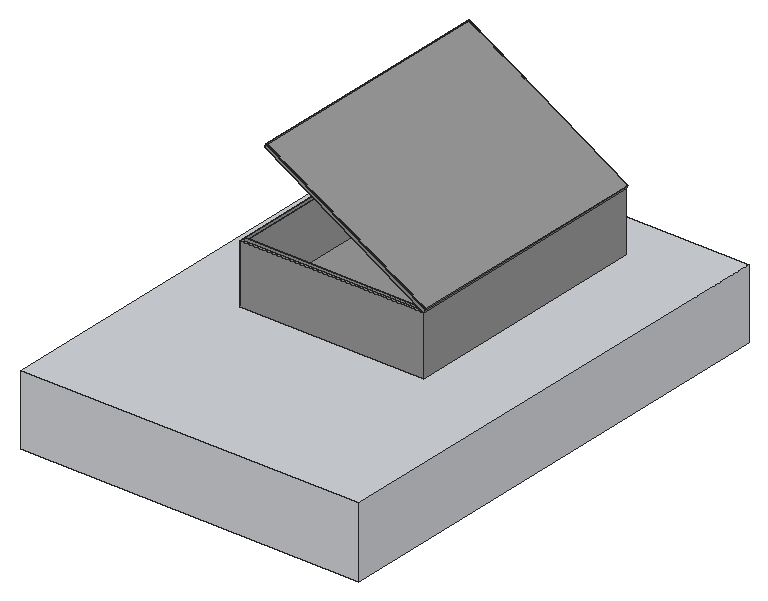
Revit family "Hager-Univers-IP55-D275-H1100-Cl.II-Steel_encl-BE-en", category Equipement électrique, Revit 2020
Family settings
  Hôte = Face
  Configuration du panneau = Deux colonnes, circuits au sein
  Cote de connecteur circulaire = Utiliser le diamètre
  Type d'élément = Tableau de raccordement
  Couper avec des vides une fois chargée = Non
  Partagée = Non
  Point de calcul de pièce = Non
Parameters (values of type "Surface mounted (plaster) IP55 W800 H1100 D275  - FR73S")
  Width Control [instance] = if([EF000008 - Width] > Min Width, [EF000008 - Width], Min Width)  # 800 mm
  Commentaires du type = [HG000003 - Range]  # "Univers"
  Thickness Door [instance] = if([EF009171 - Material plate thickness door/cover] > 3 mm, 3 mm, [EF009171 - Material plate thickness door/cover])  # 1.5 mm
  Seal Frame Offset [instance] = 17 mm  # constant formula
  Plinth Visibility [instance] = [HG000027 - Plinth height] > 0 mm  # no
  Model = ""
  Min Width [instance] = 100 mm  # constant formula
  Min Height [instance] = 100 mm  # constant formula
  Min Depth [instance] = (2 * [EF009170 - Material plate thickness cabinet]) + 1 mm  # 4 mm
  Internal Frame Depth [instance] = (Door System Depth * 0.5)  # 9 mm
  Height Control [instance] = if([EF000040 - Height] > Min Height, [EF000040 - Height], Min Height)  # 1100 mm
  HG000027 - Plinth height = 0 mm
  HG000026 - Floor standing = no
  HG000024 - Bottom section height = 800 mm
  HG000023 - Double section enclosure = no
  HG000016 - Door 3d visibility [instance] = yes
  HG000015 - Clearance visibility [instance] = no
  HG000014 - Door on the right [instance] = yes
  HG000013 - Door on the left [instance] = not([HG000014 - Door on the right])  # no
  HG000012 - Door swing angle [instance] = 30.00°
  HG000010 - Asymmetric doors = no
  HG000009 - Double swing door = no
  HG000006 - Flush mounted = no
  HG000004 - Manufacturer reference = "FR73S"
  HG000003 - Range = "Univers"
  HG000002 - With door or cover = yes
  Frame Offset Bottom [instance] = 10 mm  # constant formula
  Frame Offset [instance] = 15 mm  # constant formula
  EF015940 - Cover with overpressure release = no
  EF011959 - Degree of protection (NEMA) = ""
  EF009554 - Number of openings for flange plates = 6
  EF009212 - Cover model = "EV000116 - Closed"
  EF009171 - Material plate thickness door/cover = 1.5 mm
  EF009170 - Material plate thickness cabinet = 1.5 mm
  Fabricant = "Hager"  # constant formula
  EF008873 - Nominal current (In) = 800 A
  EF007800 - Suitable for lightning protection = no
  EF006306 - With lock = no
  EF006244 - Transparent cover/door = no
  EF005474 - Degree of protection (IP) = "EV006420 - IP55"
  EF004464 - Type of door = "EV002646 - Single"
  EF004427 - Number of modules = 252
  EF004293 - Impact strength = "EV008784 - IK10"
  EF003532 - Suitable for outdoor use = no
  EF002950 - Width in number of modular spacings = 24
  EF001613 - Circuit integrity = "EV000494 - None"
  EF001596 - Material housing = "EV000179 - Steel"
  EF001131 - Internal depth = 275 mm
  EF001088 - Extension possible = yes
  EF000437 - Number of conduit inlets = 6
  EF000339 - Type of cover = "EV004216 - Door"
  EF000266 - Number of rows = 7
  EF000218 - Built-in depth = 0 mm
  EF000118 - With mounting plate = no
  EF000116 - RAL-number = "7035"
  EF000049 - Depth = 275 mm
  EF000040 - Height = 1100 mm
  EF000008 - Width = 800 mm
  EF000007 - Colour = "EV000270 - Grey"
  EF000003 - Mounting method = "EV000384 - Surface mounted (plaster)"
  Door System Leaf Tolerance [instance] = 1.5 mm  # constant formula
  Door System Depth [instance] = 18 mm  # constant formula
  Door Height [instance] = Height Control - [HG000027 - Plinth height]  # 1100 mm
  Depth Control [instance] = if([EF000049 - Depth] > Min Depth, [EF000049 - Depth], Min Depth)  # 275 mm
  Default Elevation = 0 mm
  Connector Offset [instance] = Height Control / 2  # 550 mm
  Bottom Top Plate Trim [instance] = 1.5 mm  # constant formula
  Plinth height Ctrl [instance] = if([HG000027 - Plinth height] > 0 mm, [HG000027 - Plinth height], 12 mm)  # 12 mm
Types (5, lengths in mm): name | Width Control | HG000010 - Asymmetric doors | HG000009 - Double swing door | HG000004 - Manufacturer reference | EF009554 - Number of openings for flange plates | EF004464 - Type of door | EF004427 - Number of modules | EF000437 - Number of conduit inlets | EF000008 - Width
  Surface mounted (plaster) IP55 W1050 H1100 D275  - FR74S | 1050 | no | yes | "FR74S" | 8 | "EV003602 - Double" | 336 | 8 | 1050
  Surface mounted (plaster) IP55 W1300 H1100 D275  - FR75S | 1300 | yes | yes | "FR75S" | 10 | "EV003602 - Double" | 420 | 10 | 1300
  Surface mounted (plaster) IP55 W300 H1100 D275  - FR71S | 300 | no | no | "FR71S" | 2 | "EV002646 - Single" | 84 | 2 | 300
  Surface mounted (plaster) IP55 W550 H1100 D275  - FR72S | 550 | no | no | "FR72S" | 4 | "EV002646 - Single" | 168 | 4 | 550
  Surface mounted (plaster) IP55 W800 H1100 D275  - FR73S | 800 | no | no | "FR73S" | 6 | "EV002646 - Single" | 252 | 6 | 800
Reference planes
  plane 1 "Center (Front/Back)": y = 0
  plane 2: z = 0
  plane 3 "Center (Left/Right)": x = 0
  plane 4: z = 275
  plane 5: y = 1.5
  plane 6: y = 550
  plane 7: y = 0
  plane 8: y = 1100
  plane 9: z = 0
  plane 10: x = -385
  plane 11: x = 385
  plane 12: x = 383.5
  plane 13: x = -383.5
  plane 14: y = 1098.5
  plane 15: x = -383
  plane 16: x = -400
  plane 17: x = 383
  plane 18: x = 400
  plane 19: x = 398.5
  plane 20: x = -398.5
  plane 21: y = 11.5
  plane 22: y = 1100
  plane 23: y = 1083.5
  plane 24: z = 257
  plane 25: z = 1.5
  plane 26: z = 255.5
  plane 27: z = 273.5
Forms (mm)
  Extrusion 1, solid
    sketch origin (0, 0, 0) x (1, 0, 0) y (0, 1, 0)
      loop
        line (-702.964, 1305) -> (-702.964, -811.445) -> (766.763, -811.445) -> (766.763, 1305) -> (-702.964, 1305)
    from 0 to -304.8
  Extrusion 2, solid, material "Hager_Steel_RAL7035_Light_Grey", visible <- "Plinth Visibility", detail levels medium+fine
    sketch origin (0, 0, 0) x (1, 0, 0) y (0, 1, 0)
      loop
        line (-400, 0) -> (400, 0) -> (400, 12) -> (-400, 12) -> (-400, 0)
    from 0 to 257
  Extrusion 3, solid, material "Hager_Steel_RAL7035_Light_Grey", detail levels medium+fine
    sketch origin (0, 0, 0) x (1, 0, 0) y (0, 1, 0)
      loop
        line (-400, 0) -> (400, 0) -> (400, 1100) -> (-400, 1100) -> (-400, 0)
    from 0 to 257
  Extrusion 4, void
    sketch origin (0, 0, 0) x (1, 0, 0) y (0, 1, 0)
      loop
        line (-398.5, 1.5) -> (398.5, 1.5) -> (398.5, 1098.5) -> (-398.5, 1098.5) -> (-398.5, 1.5)
    from 1.5 to 255.5
  Extrusion 5, void
    sketch origin (-381.607, -4572, 257) x (0, -1, 0) y (-1, 0, 0)
      loop
        line (-4583.5, 1.893) -> (-5655.5, 1.893) -> (-5655.5, -765.107) -> (-4583.5, -765.107) -> (-4583.5, 1.893)
    from 0 to 1.5 <- "EF009170 - Material plate thickness cabinet"
  Extrusion 6, solid, material "Hager_Steel_RAL7035_Light_Grey", detail levels fine
    sketch origin (0, 0, 257) x (1, 0, 0) y (0, 1, 0)
      loop
        line (-383.5, 1083.5) -> (-383.5, 11.5) -> (383.5, 11.5) -> (383.5, 1083.5) -> (-383.5, 1083.5)
      loop
        line (-385, 10) -> (385, 10) -> (385, 1085) -> (-385, 1085) -> (-385, 10)
    from 0 to 9 <- "Internal Frame Depth"
  Extrusion 7, solid, material "Hager_Steel_RAL7035_Light_Grey", detail levels coarse
    sketch origin (0, 0, 0) x (1, 0, 0) y (0, 1, 0)
      loop
        line (-400, 0) -> (400, 0) -> (400, 1100) -> (-400, 1100) -> (-400, 0)
    from 0 to 275
  Sweep 8, void
    path in 3D
      loop
        line (-400, 12, 0) -> (400, 12, 0) -> (400, 12, 257) -> (-400, 12, 257) -> (-400, 12, 0)
    profile origin (-400, 12, 128.5) x (-1, 0, 0) y (0, -1, 0)
      loop
        line (0, 0) -> (0, 1.5) -> (-1.5, 1.5)
        arc (-1.5, 1.5) -> (-1.061, 0.439) -> (0, 0) r 1.5
Cuts and joins
  Extrusion 4, Extrusion 5 cuts Extrusion 3
  Sweep 8 cuts Extrusion 2
Lines and regions (mm)
  Masking region 1
    outline origin (0, 0, 0) x (1, 0, 0) y (0, 0, 1)
      loop
        line (-400, 275) -> (-400, 0) -> (400, 0) -> (400, 275) -> (-400, 275)
  Masking region 2, detail levels medium+fine
    outline origin (0, 140, 0) x (0, 1, 0) y (0, 0, 1)
      loop
        line (-140, 0) -> (960, 0) -> (960, 257) -> (-140, 257) -> (-140, 0)
  Masking region 3, not visible, detail levels medium+fine
    outline origin (0, 297.922, 0) x (0, 1, 0) y (0, 0, 1)
      loop
        line (263.578, 0) -> (303.578, 0) -> (303.578, 263.5)
        arc (303.578, 263.5) -> (300.649, 270.571) -> (293.578, 273.5) r 10
        line (293.578, 273.5) -> (263.578, 273.5) -> (263.578, 0)
  Masking region 4, detail levels coarse
    outline origin (0, 0, 180) x (0, 1, 0) y (0, 0, 1)
      loop
        line (0, -180) -> (1100, -180) -> (1100, 95) -> (0, 95) -> (0, -180)
  Masking region 5, visible <- "Plinth Visibility", detail levels medium+fine
    outline origin (0, 52.24, 12.345) x (0, 0, -1) y (0, 1, 0)
      loop
        line (10.845, -40.24) -> (-243.155, -40.24)
        arc (-243.155, -40.24) -> (-243.594, -41.301) -> (-244.655, -41.74) r 1.5
        line (-244.655, -41.74) -> (-244.655, -52.24) -> (12.345, -52.24) -> (12.345, -41.74)
        arc (12.345, -41.74) -> (11.285, -41.301) -> (10.845, -40.24) r 1.5
  Masking region 6, detail levels medium+fine
    outline origin (-381.607, -4572, 257) x (-1, 0, 0) y (0, -1, 0)
      loop
        line (18.393, -5672) -> (18.393, -4572) -> (-781.607, -4572) -> (-781.607, -5672) -> (18.393, -5672)
  Masking region 7, visible <- "Plinth Visibility", detail levels medium+fine
    outline origin (-381.607, -4727, 257) x (-1, 0, 0) y (0, -1, 0)
      loop
        arc (16.893, -4739) -> (17.332, -4737.939) -> (18.393, -4737.5) r 1.5
        line (18.393, -4737.5) -> (18.393, -4727) -> (-781.607, -4727) -> (-781.607, -4737.5)
        arc (-781.607, -4737.5) -> (-780.546, -4737.939) -> (-780.107, -4739) r 1.5
        line (-780.107, -4739) -> (16.893, -4739)
  Masking region 8, detail levels coarse
    outline origin (-442.548, -4669.526, 257) x (-1, 0, 0) y (0, -1, 0)
      loop
        line (-42.548, -5769.526) -> (-42.548, -4669.526) -> (-842.548, -4669.526) -> (-842.548, -5769.526) -> (-42.548, -5769.526)
  sketch lines
    curve 1: line (-400, 12, 257) -> (-400, 12, 0)
    curve 2: line (400, 12, 257) -> (-400, 12, 257)
    curve 3: line (400, 12, 257) -> (400, 12, 0)
    curve 4: line (-400, 12, 0) -> (400, 12, 0)
Dimensions and locks
  "Depth Control": plane 4 to Extrusion 1
  "HG000027 - Plinth height": plane 1 "Center (Front/Back)" to plane 7
  "EF009170 - Material plate thickness cabinet": plane 5 to plane 7
  locked: connector elem to plane 3 "Center (Left/Right)"
  equal spacing: plane 8, plane 6, plane 7
  locked: connector elem to plane 6
  "EF009170 - Material plate thickness cabinet": plane 8 to plane 14
  "EF009170 - Material plate thickness cabinet": plane 10 to plane 13
  "EF009170 - Material plate thickness cabinet": plane 12 to plane 11
  "Frame Offset": plane 20 to plane 13
  "Frame Offset": plane 12 to plane 19
  "EF009170 - Material plate thickness cabinet": plane 16 to plane 20
  "EF009170 - Material plate thickness cabinet": plane 19 to plane 18
  "Seal Frame Offset": plane 16 to plane 15
  "Seal Frame Offset": plane 17 to plane 18
  "Frame Offset Bottom": plane 21 to plane 5
  "Frame Offset": plane 14 to plane 23
  equal spacing: plane 16, plane 3 "Center (Left/Right)", plane 18
  "Width Control": plane 16 to plane 18
  "EF009170 - Material plate thickness cabinet": plane 4 to plane 27
  "EF009170 - Material plate thickness cabinet": plane 24 to plane 26
  "EF009170 - Material plate thickness cabinet": plane 25 to level
  "Door System Depth": plane 4 to plane 24
  "Height Control": plane 1 "Center (Front/Back)" to Extrusion 7 sketch curve
  "Height Control": Masking region 4 sketch curve to plane 1 "Center (Front/Back)"
  "Height Control": plane 1 "Center (Front/Back)" to plane 22
  "Bottom Top Plate Trim": profile plane to Sweep 8 sketch curve
  "Bottom Top Plate Trim": Sweep 8 sketch curve to profile plane
  "Plinth height Ctrl": plane 1 "Center (Front/Back)" to Extrusion 2 sketch curve
  "Plinth height Ctrl": Masking region 5 sketch curve to plane 1 "Center (Front/Back)"
  "Plinth height Ctrl": plane 1 "Center (Front/Back)" to Masking region 7 sketch curve
  "Thickness Door": Extrusion 6 sketch curve to Extrusion 6 sketch curve  (x3)
  "Thickness Door": cut or joined group of Extrusion 3, Extrusion 4, Extrusion 5 to Extrusion 6 sketch curve
  radius of Masking region 3 sketch curve = 10 mm
  "Bottom Top Plate Trim": radius of Masking region 5 sketch curve  (x2)
  "Bottom Top Plate Trim": radius of Sweep 8 sketch curve
  "Bottom Top Plate Trim": radius of Masking region 7 sketch curve  (x2)
  aligned and locked: plane 2 to Extrusion 1
  aligned and locked: level to Extrusion 1
  aligned and locked: level to Masking region 1 sketch curve
  aligned and locked: Masking region 1 sketch curve to plane 18
  aligned and locked: Masking region 1 sketch curve to plane 16
  aligned and locked: plane 7 to Masking region 2 sketch curve
  aligned and locked: level to Masking region 3 sketch curve
  aligned and locked: Masking region 3 sketch curve to plane 27
  aligned and locked: level to Masking region 2 sketch curve
  aligned and locked: plane 1 "Center (Front/Back)" to Extrusion 2 sketch curve
  aligned and locked: Extrusion 3 sketch curve to plane 7
  aligned and locked: plane 16 to Extrusion 3 sketch curve
  aligned and locked: plane 18 to Extrusion 3 sketch curve
  aligned and locked: plane 20 to Extrusion 4 sketch curve
  aligned and locked: plane 19 to Extrusion 4 sketch curve
  aligned and locked: Extrusion 4 sketch curve to plane 5
  aligned and locked: Extrusion 4 to plane 25
  aligned and locked: plane 26 to Extrusion 4
  aligned and locked: plane 24 to Extrusion 3
  aligned and locked: Extrusion 5 sketch curve to plane 21
  aligned and locked: Extrusion 5 sketch curve to plane 13
  aligned and locked: Extrusion 5 sketch curve to plane 12
  aligned and locked: plane 18 to Extrusion 7 sketch curve
  aligned and locked: plane 1 "Center (Front/Back)" to Extrusion 7 sketch curve
  aligned and locked: plane 16 to Extrusion 7 sketch curve
  aligned and locked: plane 4 to Extrusion 7
  aligned and locked: Extrusion 7 to level
  aligned and locked: level to Masking region 4 sketch curve
  aligned and locked: Masking region 4 sketch curve to plane 1 "Center (Front/Back)"
  aligned and locked: Masking region 4 sketch curve to plane 4
  aligned and locked: nested 1 to level
  aligned and locked: nested 1 to plane 16
  aligned and locked: plane 8 to Extrusion 3 sketch curve
  aligned and locked: plane 23 to Extrusion 5 sketch curve
  aligned and locked: plane 14 to Extrusion 4 sketch curve
  aligned and locked: Masking region 2 sketch curve to plane 8
  aligned and locked: level to Masking region 5 sketch curve
  aligned and locked: plane 16 to Extrusion 2 sketch curve
  aligned and locked: plane 18 to Extrusion 2 sketch curve
  aligned and locked: Masking region 5 sketch curve to plane 24
  aligned and locked: Masking region 2 sketch curve to plane 24
  aligned and locked: plane 24 to Extrusion 2
  aligned and locked: profile plane to Sweep 8 sketch curve  (x2)
  aligned and locked: Masking region 6 sketch curve to plane 18
  aligned and locked: Masking region 6 sketch curve to plane 22
  aligned and locked: Masking region 6 sketch curve to plane 16
  aligned and locked: plane 8 to plane 22
  aligned and locked: Masking region 6 sketch curve to plane 7
  aligned and locked: Masking region 7 sketch curve to plane 16
  aligned and locked: Masking region 7 sketch curve to plane 1 "Center (Front/Back)"
  aligned and locked: Masking region 7 sketch curve to plane 18
  aligned and locked: Masking region 8 sketch curve to plane 1 "Center (Front/Back)"
  aligned and locked: Masking region 8 sketch curve to plane 18
  aligned and locked: Masking region 8 sketch curve to plane 22
  aligned and locked: Masking region 8 sketch curve to plane 16
  aligned and locked: nested 2 to plane 7
  aligned and locked: plane 3 "Center (Left/Right)" to nested 2
  aligned and locked: nested 2 to plane 24
  aligned and locked: Extrusion 6 sketch curve to cut or joined group of Extrusion 3, Extrusion 4, Extrusion 5  (x4)
Automatic sketch dimensions
  Extrusion 1 sketch curve to Extrusion 1 sketch curve = 1469.727 mm
  Extrusion 1 sketch curve to Extrusion 1 sketch curve = 2116.445 mm
  Masking region 1 sketch curve to plane 4 = 0 mm
  plane 6 to Masking region 3 sketch curve = 11.5 mm
  Masking region 3 sketch curve to Masking region 3 sketch curve = 30 mm
  Masking region 5 sketch curve to plane 1 "Center (Front/Back)" = 0 mm
Nested families
  nested 1: "Hager_Enclosure_Symbol" at (-400, 0, 0) x (1, 0, 0) z (0, -1, 0), Height <- "Depth Control", Width <- "Width Control", type "Hager_Enclosure_Symbol"
    with Width_Ctrl 800 mm, Width 800 mm, Height_Ctrl 275 mm, Height 275 mm, A_Width_Int 18.047 mm, A_Width 216.562 mm, A_Height_Ctrl 240.625 mm, A_Height 240.625 mm
  nested 2: "EC000058_Univers_Door" at (0, 0, 257) x (1, 0, 0) z (0, 1, 0), Leaf_Tolerance <- "Door System Leaf Tolerance", Angle <- "HG000012 - Door swing angle", Door_Depth <- "Door System Depth", Door_Left <- "HG000013 - Door on the left", Transparent <- "EF006244 - Transparent cover/door", Assymetrical <- "HG000010 - Asymmetric doors", Width <- "Width Control", Clearance <- "HG000015 - Clearance visibility", Double <- "HG000009 - Double swing door", 3d_Door <- "HG000016 - Door 3d visibility", Lock_Visibility <- "EF006306 - With lock", Width_Ctrl <- "Width Control", Door_Right <- "HG000014 - Door on the right", Door <- "HG000002 - With door or cover", Height <- "Door Height", Thickness <- "Thickness Door", type "EC000058_Univers_Door", detail levels medium+fine
    with min_wh 4 mm, Width_Ctrl 800 mm, Width 800 mm, Transparent no, Thickness 1.5 mm, Seal_Material Hager_Rubber, Lock_Visibility no, Lock_Material Hager_Plastic_RAL9005_Jet_Black, Leaf_Width 800 mm, Leaf_Tolerance_External_Sides 0 mm, Leaf_Tolerance 1.5 mm, Leaf_Offset 0 mm, Leaf_Height 1097 mm, Leaf_2_Width 800 mm, Leaf_2_Offset 400 mm, Leaf_1_Width 800 mm, Leaf_1_Offset 400 mm, Height_Ctrl 1100 mm, Height 1100 mm, Glass_Material Hager_Glass, Double_Clearance_Ctrl no, Double no, Door_Right_Ctrl yes, Door_Right yes, Door_Material Hager_Steel_RAL7035_Light_Grey, Door_Left_Ctrl no, Door_Left no, Door_Depth 18 mm, Door yes, Clearance_Material Hager_Clearance, Clearance_Depth 800 mm, Clearance_Ctrl no, Clearance no, Assymetrical no, Angle 30.00°, 3d_Door yes
Connectors
  electrical at (0, 550, 0)
    settings: on plane 9, index 1, voltage 0 V, apparent load 0 VA, apparent load phase1 0 VA, apparent load phase2 0 VA, apparent load phase3 0 VA, power factor 1, load classification "Other", number of poles 1, system type 30, power factor state 1, is connector primary yes, connector utility no, sub classification motor no, connector description ""
Definition of nested family "EC000058_Univers_Door"
  Parameters (values of type "EC000058_Univers_Door")
    min_wh [instance] = (2 * Thickness) + 1 mm  # 11 mm
    Width_Ctrl [instance] = 400 mm
    Width [instance] = 500 mm
    Transparent [instance] = yes
    Thickness [instance] = 5 mm
    Seal_Material [instance] = none
    Lock_Visibility [instance] = yes
    Lock_Material [instance] = none
    Leaf_Width [instance] = if((Width_Ctrl - 2 * Leaf_Tolerance_External_Sides) > 0 mm, (Width_Ctrl - 2 * Leaf_Tolerance_External_Sides), min_wh)  # 400 mm
    Leaf_Tolerance_External_Sides [instance] = 0 mm  # constant formula
    Leaf_Tolerance [instance] = 1.5 mm
    Leaf_Offset [instance] = 0 mm  # constant formula
    Leaf_Height [instance] = if((Height_Ctrl - 2 * Leaf_Tolerance) > 0 mm, (Height_Ctrl - 2 * Leaf_Tolerance), min_wh)  # 497 mm
    Leaf_2_Width [instance] = if(and(and(Double, Assymetrical), Door_Left), (Leaf_Width / 3) - (Leaf_Tolerance / 2), if(and(and(Double, Assymetrical), Door_Right), (Leaf_Width / 3) * 2 - (Leaf_Tolerance / 2), if(and(Double, not(Assymetrical)), (Leaf_Width / 2) - Leaf_Tolerance, Leaf_Width)))  # 400 mm
    Leaf_2_Offset [instance] = if(and(Double, Assymetrical), Leaf_2_Width / 2, if(and(Double, not(Assymetrical)), Leaf_Width / 4, Leaf_Width / 2))  # 200 mm
    Leaf_1_Width [instance] = if(and(and(Double, Assymetrical), Door_Right), (Leaf_Width / 3) - (Leaf_Tolerance / 2), if(and(and(Double, Assymetrical), Door_Left), (Width / 3) * 2 - (Leaf_Tolerance / 2), if(and(Double, not(Assymetrical)), (Leaf_Width / 2) - Leaf_Tolerance, Leaf_Width)))  # 400 mm
    Leaf_1_Offset [instance] = if(and(Double, Assymetrical), Leaf_1_Width / 2, if(and(Double, not(Assymetrical)), Leaf_Width / 4, Leaf_Width / 2))  # 200 mm
    Height_Ctrl [instance] = if(Height > min_wh, Height, min_wh)  # 500 mm
    Height [instance] = 500 mm
    Glass_Material [instance] = none
    Double_Clearance_Ctrl [instance] = and(Double, Clearance)  # no
    Double [instance] = no
    Door_Right_Ctrl [instance] = and(or(Door_Right, Double), Door)  # yes
    Door_Right [instance] = yes
    Door_Material [instance] = none
    Door_Left_Ctrl [instance] = and(or(Door_Left, Double), Door)  # no
    Door_Left [instance] = no
    Door_Depth [instance] = 30 mm
    Door [instance] = yes
    Default Elevation = 1219.2 mm
    Clearance_Material [instance] = none
    Clearance_Depth [instance] = if(Leaf_1_Width > Leaf_2_Width, Leaf_1_Width, Leaf_2_Width)  # 400 mm
    Clearance_Ctrl [instance] = and(not(Double), Clearance)  # yes
    Clearance [instance] = yes
    Assymetrical [instance] = yes
    Angle [instance] = 30.00°
    3d_Door [instance] = yes
  Reference planes
    plane 1 "Center (Front/Back)": y = 0
    plane 2 "Bottom": z = 0
    plane 3 "Center (Left/Right)": x = 0
    plane 4: z = 500
    plane 5: x = -200
    plane 6: x = 200
    plane 7: z = 500
    plane 8: x = -200
    plane 9: z = 0
    plane 10: x = 200
    plane 11: y = 0
    plane 12: z = 1.5
    plane 13: x = -600
    plane 14: y = -400
    plane 15: x = 600
    plane 16: x = 0
    plane 17: x = 0
    plane 18: x = -200
    plane 19: x = 200
    plane 20: z = 498.5
  Forms (mm)
    Extrusion 1, solid, material <- "Clearance_Material", visible <- "Double_Clearance_Ctrl"
      sketch origin (1200, 0, 0) x (1, 0, 0) y (0, 0, -1)
        loop
          line (-1800, -498.5) -> (-600, -498.5) -> (-600, 0) -> (-1800, 0) -> (-1800, -498.5)
      from 0 to -400
  Dimensions and locks
    equal spacing: plane 5, plane 3 "Center (Left/Right)", plane 6
    "Width_Ctrl": plane 5 to plane 6
    "Leaf_Offset": plane 5 to plane 8
    "Leaf_Offset": plane 6 to plane 10
    "Leaf_Offset": plane 9 to level
    "Leaf_Offset": plane 4 to plane 7
    "Height_Ctrl": plane 4 to level
    "Leaf_Tolerance": plane 12 to plane 9
    locked: plane 11 to plane 1 "Center (Front/Back)"
    "Leaf_1_Offset": plane 18 to plane 16
    "Leaf_2_Offset": plane 17 to plane 19
    "Leaf_1_Width": plane 13 to plane 8
    "Leaf_2_Width": plane 10 to plane 15
    "Clearance_Depth": plane 14 to plane 1 "Center (Front/Back)"
    "Leaf_Tolerance_External_Sides": plane 8 to plane 18
    "Leaf_Tolerance_External_Sides": plane 19 to plane 10
    "Leaf_Tolerance": plane 7 to plane 20
    aligned and locked: level to plane 2 "Bottom"
    aligned and locked: nested 1 to plane 16
    aligned and locked: nested 2 to plane 17
    aligned and locked: Extrusion 1 to plane 13
    aligned and locked: plane 15 to Extrusion 1
    aligned and locked: Extrusion 1 to plane 14
    aligned and locked: plane 12 to nested 1
    aligned and locked: nested 2 to plane 12
    aligned and locked: Extrusion 1 to plane 11
    aligned and locked: plane 20 to Extrusion 1
    aligned and locked: nested 2 to plane 11
    aligned and locked: nested 1 to plane 11
  Automatic sketch dimensions
    Extrusion 1 sketch curve to level = 0 mm
    plane 5 to Extrusion 1 sketch curve = 400 mm
    plane 6 to Extrusion 1 sketch curve = 400 mm
    Extrusion 1 sketch curve to plane 4 = 1.5 mm
  Nested families
    nested 1: "EC000058_Univers_Door_Leaf" at (0, 0, 1.5), Width <- "Leaf_1_Width", visible <- "Door_Left_Ctrl", Leaf_Height <- "Leaf_Height", Angle <- "Angle", 3d_Door <- "3d_Door", Transparent <- "Transparent", Clearance Material <- "Clearance_Material", Clearance <- "Clearance_Ctrl", Door_Material <- "Door_Material", Glass_Material <- "Glass_Material", Door_Depth <- "Door_Depth", Lock_Material <- "Lock_Material", Seal_Material <- "Seal_Material", Lock_Visibility <- "Lock_Visibility", Thickness <- "Thickness", type "EC000058_Univers_Door_Leaf"
      with Width 400 mm, Transparent_Glass_Offset 30 mm, Transparent_Ctrl yes, Transparent yes, Thickness 5 mm, Standard no, Seal_Material none, Seal_D2 8 mm, Seal_D1 1 mm, Offset_Internal_Frame 10 mm, Lock_Width 20 mm, Lock_Visibility_3d yes, Lock_Visibility yes, Lock_Thickness_3 3 mm, Lock_Thickness_2 1 mm, Lock_Thickness_1 3 mm, Lock_Radius_Offset_2 16 mm, Lock_Radius_Offset_1 15 mm, Lock_Radius_2 5 mm, Lock_Radius 6 mm, Lock_Offset 5 mm, Lock_Material none, Lock_Height 80 mm, Lock_Cover_Top_Offset_2d 17 mm, Lock_Cover_Height -65 mm, Leaf_Height 497 mm, Internal_Seal_Thickness 8 mm, Internal_Seal_Depth_2 4.5 mm, Internal_Frame_Depth 25 mm, Glass_Thickness -1 mm, Glass_Offset -2 mm, Glass_Material none, Door_Material none, Door_Depth 30 mm, Clearance Material none, Clearance yes, Angle_Ctrl 30.00°, Angle 30.00°, 3d_Door yes
    nested 2: "EC000058_Univers_Door_Leaf" at (0, 0, 1.5) x (-1, 0, 0) z (0, 0, 1), Width <- "Leaf_2_Width", visible <- "Door_Right_Ctrl", Leaf_Height <- "Leaf_Height", Angle <- "Angle", 3d_Door <- "3d_Door", Transparent <- "Transparent", Clearance Material <- "Clearance_Material", Clearance <- "Clearance_Ctrl", Door_Material <- "Door_Material", Glass_Material <- "Glass_Material", Door_Depth <- "Door_Depth", Lock_Material <- "Lock_Material", Seal_Material <- "Seal_Material", Lock_Visibility <- "Lock_Visibility", Thickness <- "Thickness", type "EC000058_Univers_Door_Leaf"
      with Width 400 mm, Transparent_Glass_Offset 30 mm, Transparent_Ctrl yes, Transparent yes, Thickness 5 mm, Standard no, Seal_Material none, Seal_D2 8 mm, Seal_D1 1 mm, Offset_Internal_Frame 10 mm, Lock_Width 20 mm, Lock_Visibility_3d yes, Lock_Visibility yes, Lock_Thickness_3 3 mm, Lock_Thickness_2 1 mm, Lock_Thickness_1 3 mm, Lock_Radius_Offset_2 16 mm, Lock_Radius_Offset_1 15 mm, Lock_Radius_2 5 mm, Lock_Radius 6 mm, Lock_Offset 5 mm, Lock_Material none, Lock_Height 80 mm, Lock_Cover_Top_Offset_2d 17 mm, Lock_Cover_Height -65 mm, Leaf_Height 497 mm, Internal_Seal_Thickness 8 mm, Internal_Seal_Depth_2 4.5 mm, Internal_Frame_Depth 25 mm, Glass_Thickness -1 mm, Glass_Offset -2 mm, Glass_Material none, Door_Material none, Door_Depth 30 mm, Clearance Material none, Clearance yes, Angle_Ctrl 30.00°, Angle 30.00°, 3d_Door yes
  Definition of nested family "EC000058_Univers_Door_Leaf"
    Parameters (values of type "EC000058_Univers_Door_Leaf")
      Width [instance] = 2000 mm
      Transparent_Glass_Offset [instance] = 30 mm
      Transparent_Ctrl [instance] = and(Transparent, [3d_Door])  # yes
      Transparent [instance] = yes
      Thickness [instance] = 5 mm
      Standard [instance] = and(not(Transparent), [3d_Door])  # no
      Seal_Material [instance] = none
      Seal_D2 [instance] = 8 mm  # constant formula
      Seal_D1 [instance] = 1 mm  # constant formula
      Offset_Internal_Frame [instance] = 10 mm  # constant formula
      Lock_Width [instance] = 20 mm  # constant formula
      Lock_Visibility_3d [instance] = and(Lock_Visibility, [3d_Door])  # yes
      Lock_Visibility [instance] = yes
      Lock_Thickness_3 [instance] = 3 mm  # constant formula
      Lock_Thickness_2 [instance] = 1 mm  # constant formula
      Lock_Thickness_1 [instance] = 3 mm  # constant formula
      Lock_Radius_Offset_2 [instance] = Lock_Radius_Offset_1 + 1 mm  # 16 mm
      Lock_Radius_Offset_1 [instance] = 15 mm  # constant formula
      Lock_Radius_2 [instance] = Lock_Radius - 1 mm  # 5 mm
      Lock_Radius [instance] = 6 mm  # constant formula
      Lock_Offset [instance] = 5 mm  # constant formula
      Lock_Material [instance] = none
      Lock_Height [instance] = 80 mm  # constant formula
      Lock_Cover_Top_Offset_2d [instance] = Lock_Radius_Offset_2 + 1 mm  # 17 mm
      Lock_Cover_Height [instance] = -(Lock_Height - Lock_Radius_Offset_1)  # -65 mm
      Leaf_Height [instance] = 2720.336 mm
      Internal_Seal_Thickness [instance] = 8 mm  # constant formula
      Internal_Seal_Depth_2 [instance] = 4.5 mm  # constant formula
      Internal_Frame_Depth [instance] = if(Door_Depth - Thickness > 5 mm, Door_Depth - Thickness, 5 mm)  # 25 mm
      Glass_Thickness [instance] = if(Thickness > 15 mm, Glass_Offset + 10 mm, -1 mm)  # -1 mm
      Glass_Offset [instance] = if(Thickness > 15 mm, -(Thickness + 10 mm) / 2, -2 mm)  # -2 mm
      Glass_Material [instance] = none
      Door_Material [instance] = none
      Door_Depth [instance] = 30 mm
      Default Elevation = 0 mm
      Clearance Material [instance] = none
      Clearance [instance] = yes
      Angle_Ctrl [instance] = if(Angle > 180.00°, 180.00°, Angle)  # 90.00°
      Angle [instance] = 90.00°
      3d_Door [instance] = yes
    Reference planes
      plane 1 "Center (Front/Back)": y = 0
      plane 2: z = 0
      plane 3 "Center (Left/Right)": x = 0
      plane 4: y = 2000
      plane 5: x = -1000
      plane 6: x = 1000
      plane 7: x = -3000
      plane 8: z = 2720.336
      plane 9: z = 30
      plane 10: z = 2690.336
      plane 11: x = 970
      plane 12: x = -970
      plane 13: y = -3
      plane 14: z = 107.833
      plane 15: y = -5
      plane 16: y = -223.314
      plane 17: x = -1000
      plane 18: z = 1360.168
      plane 19: y = 30
    Forms (mm)
      Extrusion 1, solid, material <- "Clearance Material", visible <- "Clearance"
        sketch origin (0, 0, 0) x (1, 0, 0) y (0, 0, 1)
          loop
            line (-3000, 2720.336) -> (-3000, 0) -> (1000, 0) -> (1000, 2720.336) -> (-3000, 2720.336)
        from 0 to -2000
      Extrusion 2, solid, material <- "Door_Material", visible <- "Standard", detail levels medium+fine
        sketch origin (-1000, 0, 0) x (0, 1, 0) y (-1, 0, 0)
          loop
            line (0, 30) -> (0, 25) -> (2000, 25) -> (2000, 30) -> (0, 30)
        from 0 to 2720.336 <- "Leaf_Height"
      Extrusion 3, solid, material <- "Door_Material", visible <- "Transparent_Ctrl", detail levels medium+fine
        sketch origin (-1000, 0, 0) x (0, 1, 0) y (-1, 0, 0)
          loop
            line (0, 25) -> (2000, 25) -> (2000, 30) -> (0, 30) -> (0, 25)
        from 0 to 2720.336 <- "Leaf_Height"
      Extrusion 4, void
        sketch origin (-1025, 2000, 0) x (0, 1, 0) y (0, 0, -1)
          loop
            line (-30, -2690.336) -> (-30, -30) -> (-1970, -30) -> (-1970, -2690.336) -> (-30, -2690.336)
        from 0 to 5 <- "Thickness"
      Sweep 5, solid, material <- "Seal_Material", visible <- "Transparent_Ctrl", detail levels fine
        path in 3D
          loop
            line (-1025, 30, 30) -> (-1025, 30, 2690.336) -> (-1025, 1970, 2690.336) -> (-1025, 1970, 30) -> (-1025, 30, 30)
        profile origin (-1025, 1000, 30) x (1, 0, 0) y (0, 0, 1)
          loop
            line (0, 0) -> (0, -8) -> (1, -8) -> (1, 0) -> (0, 0)
      Extrusion 6, solid, material <- "Glass_Material", visible <- "Transparent_Ctrl", detail levels medium+fine
        sketch origin (-1030, 0, 0) x (0, 1, 0) y (0, 0, -1)
          loop
            line (1970, -2690.336) -> (1970, -30) -> (30, -30) -> (30, -2690.336) -> (1970, -2690.336)
        from -2 <- "Glass_Offset" to -1 <- "Glass_Thickness"
      Extrusion 7, solid, material <- "Door_Material", visible <- "3d_Door", detail levels medium+fine
        sketch origin (-1025, 2000, 0) x (0, -1, 0) y (0, 0, -1)
          loop
            line (0, -2720.336) -> (2000, -2720.336) -> (2000, 0) -> (0, 0) -> (0, -2720.336)
          loop
            line (1995, -5) -> (5, -5) -> (5, -2715.336) -> (1995, -2715.336) -> (1995, -5)
        from 0 to 25 <- "Internal_Frame_Depth"
      Sweep 8, solid, material <- "Seal_Material", visible <- "Transparent_Ctrl", detail levels fine
        path in 3D
          loop
            line (-1025, 0, 0) -> (-1025, 2000, 0) -> (-1025, 2000, 2720.336) -> (-1025, 0, 2720.336) -> (-1025, 0, 0)
        profile origin (-1025, 0, 1360.168) x (1, 0, 0) y (0, 1, 0)
          loop
            line (0, 10) -> (2.975, 10)
            arc (2.975, 10) -> (4.053, 10.447) -> (4.5, 11.525) r 1.525
            line (4.5, 11.525) -> (4.5, 16.527)
            arc (4.5, 16.527) -> (4.069, 17.569) -> (3.027, 18) r 1.473
            line (3.027, 18) -> (0, 18) -> (0, 10)
      Extrusion 9, solid, material <- "Lock_Material", visible <- "Lock_Visibility_3d", detail levels fine
        sketch origin (-1030, 0, 0) x (0, 1, 0) y (0, 0, -1)
          loop
            arc (1993.5, -1400.168) -> (1994.561, -1399.729) -> (1995, -1398.668) r 1.5
            line (1995, -1398.668) -> (1995, -1320.168) -> (1975, -1320.168) -> (1975, -1398.668)
            arc (1975, -1398.668) -> (1975.439, -1399.729) -> (1976.5, -1400.168) r 1.5
            line (1976.5, -1400.168) -> (1993.5, -1400.168)
        from 3 <- "Lock_Thickness_1" to 0
      Blend 10, solid, material <- "Lock_Material", visible <- "Lock_Visibility_3d", detail levels fine
        base sketch origin (-1033, 0, 0) x (0, 1, 0) y (0, 0, -1)
          loop
            line (1975, -1320.168) -> (1975, -1398.668)
            arc (1975, -1398.668) -> (1975.439, -1399.729) -> (1976.5, -1400.168) r 1.5
            line (1976.5, -1400.168) -> (1993.5, -1400.168)
            arc (1993.5, -1400.168) -> (1994.561, -1399.729) -> (1995, -1398.668) r 1.5
            line (1995, -1398.668) -> (1995, -1320.168) -> (1975, -1320.168)
        top sketch origin (-1033, 0, 0) x (0, 1, 0) y (0, 0, -1)
          loop
            line (1976, -1320.168) -> (1976, -1398.668)
            arc (1976, -1398.668) -> (1976.146, -1399.022) -> (1976.5, -1399.168) r 0.5
            line (1976.5, -1399.168) -> (1993.5, -1399.168)
            arc (1993.5, -1399.168) -> (1993.854, -1399.022) -> (1994, -1398.668) r 0.5
            line (1994, -1398.668) -> (1994, -1320.168) -> (1976, -1320.168)
        from 0 to 1 <- "Lock_Thickness_2"
      Blend 11, solid, material <- "Lock_Material", visible <- "Lock_Visibility_3d", detail levels fine
        base sketch origin (-1034, 0, 0) x (0, 1, 0) y (0, 0, -1)
          loop
            line (1978, -1320.168) -> (1978, -1384.168)
            arc (1978, -1384.168) -> (1985, -1391.168) -> (1992, -1384.168) r 7
            line (1992, -1384.168) -> (1992, -1320.168) -> (1978, -1320.168)
        top sketch origin (-1034, 0, 0) x (0, 1, 0) y (0, 0, -1)
          loop
            line (1991, -1320.168) -> (1979, -1320.168) -> (1979, -1383.168)
            arc (1979, -1383.168) -> (1985, -1389.168) -> (1991, -1383.168) r 6
            line (1991, -1383.168) -> (1991, -1320.168)
        from 0 to 3 <- "Lock_Thickness_3"
      Extrusion 12, solid, material <- "Lock_Material", visible <- "Lock_Visibility_3d", detail levels fine
        sketch origin (-1030, 1975, 1320.168) x (1, 0, 0) y (0, -1, 0)
          loop
            line (-7, -19) -> (-7, -1) -> (0, -1) -> (0, 0) -> (-8, 0) -> (-8, -20) -> (0, -20) -> (0, -19) -> (-7, -19)
        from 0 to -65 <- "Lock_Cover_Height"
      Extrusion 13, void
        sketch origin (-1038, 1995, 1320.168) x (-1, 0, 0) y (0, 0, -1)
          loop
            line (-5, -65) -> (0, -65) -> (-5, -60) -> (-5, -65)
        from 0 to 20 <- "Lock_Width"
      Extrusion 14, void
        sketch origin (-1038, 1975, 1320.168) x (0, -1, 0) y (0, 0, -1)
          loop
            circle (-10, -15.995) r 6
          loop
            circle (-10, -15.995) r 5
        from 0 to 2
      Extrusion 15, solid, material <- "Lock_Material", visible <- "Lock_Visibility_3d", detail levels medium
        sketch origin (-1030, 0, 0) x (0, 1, 0) y (0, 0, -1)
          loop
            arc (1993.5, -1400.168) -> (1994.561, -1399.729) -> (1995, -1398.668) r 1.5
            line (1995, -1398.668) -> (1995, -1320.168) -> (1975, -1320.168) -> (1975, -1398.668)
            arc (1975, -1398.668) -> (1975.439, -1399.729) -> (1976.5, -1400.168) r 1.5
            line (1976.5, -1400.168) -> (1993.5, -1400.168)
        from 8 to 0
    Cuts and joins
      Extrusion 4 cuts Extrusion 3
      Extrusion 13, Extrusion 14 cuts Extrusion 9
      Extrusion 14 cuts Blend 11
      Extrusion 13, Extrusion 14 cuts Extrusion 12
      joined: Extrusion 9, Blend 10, Blend 11, Extrusion 12
      Extrusion 14 cuts Extrusion 15
    Lines and regions (mm)
      Masking region 1, visible <- "Lock_Visibility", detail levels fine
        outline origin (0, 0, 0) x (0, 1, 0) y (0, 0, 1)
          loop
            line (30, 1320.168) -> (33, 1320.168) -> (33, 1400.168) -> (30, 1400.168) -> (30, 1320.168)
      Masking region 2, visible <- "Lock_Visibility", detail levels fine
        outline origin (0, 3.143, 0) x (0, 1, 0) y (0, 0, 1)
          loop
            line (29.857, 1354.168) -> (30.857, 1354.168) -> (30.857, 1366.168) -> (29.857, 1366.168) -> (29.857, 1354.168)
      Masking region 3, detail levels medium+fine
        outline origin (0, 0, 0) x (0, 1, 0) y (0, 0, 1)
          loop
            line (0, 0) -> (30, 0) -> (30, 2720.336) -> (0, 2720.336) -> (0, 0)
      Masking region 4, detail levels medium+fine
        outline origin (0, 0, 0) x (1, 0, 0) y (0, 0, 1)
          loop
            line (-1000, 2720.336) -> (-1000, 0) -> (1000, 0) -> (1000, 2720.336) -> (-1000, 2720.336)
      Masking region 5, visible <- "Lock_Visibility", detail levels fine
        outline origin (-47.116, 0, 0) x (1, 0, 0) y (0, 0, 1)
          loop
            arc (1024.616, 1399.168) -> (1023.556, 1398.729) -> (1023.116, 1397.668) r 1.5
            line (1023.116, 1397.668) -> (1023.116, 1320.168) -> (1041.116, 1320.168) -> (1041.116, 1397.668)
            arc (1041.116, 1397.668) -> (1040.677, 1398.729) -> (1039.616, 1399.168) r 1.5
            line (1039.616, 1399.168) -> (1024.616, 1399.168)
      Masking region 6, visible <- "Lock_Visibility", detail levels medium+fine
        outline origin (-25, 0, 0) x (1, 0, 0) y (0, 0, 1)
          loop
            arc (1001.5, 1400.168) -> (1000.439, 1399.729) -> (1000, 1398.668) r 1.5
            line (1000, 1398.668) -> (1000, 1320.168) -> (1020, 1320.168) -> (1020, 1398.668)
            arc (1020, 1398.668) -> (1019.561, 1399.729) -> (1018.5, 1400.168) r 1.5
            line (1018.5, 1400.168) -> (1001.5, 1400.168)
      Masking region 7, visible <- "Lock_Visibility", detail levels fine
        outline origin (-73.735, 0, 0) x (1, 0, 0) y (0, 0, 1)
          loop
            line (1051.735, 1382.168) -> (1065.735, 1382.168) -> (1065.735, 1384.168)
            arc (1065.735, 1384.168) -> (1058.735, 1391.168) -> (1051.735, 1384.168) r 7
            line (1051.735, 1384.168) -> (1051.735, 1382.168)
      Masking region 8, visible <- "Lock_Visibility", detail levels fine
        outline origin (-73.735, 0, 0) x (1, 0, 0) y (0, 0, 1)
          loop
            line (1052.735, 1382.168) -> (1064.735, 1382.168) -> (1064.735, 1383.168)
            arc (1064.735, 1383.168) -> (1058.735, 1389.168) -> (1052.735, 1383.168) r 6
            line (1052.735, 1383.168) -> (1052.735, 1382.168)
      Masking region 9, visible <- "Lock_Visibility", detail levels fine
        outline origin (-25, 0, 0) x (1, 0, 0) y (0, 0, 1)
          loop
            line (1020, 1320.168) -> (1020, 1382.168) -> (1000, 1382.168) -> (1000, 1320.168) -> (1020, 1320.168)
      Masking region 10, detail levels medium+fine
        outline origin (0, 0, 0) x (1, 0, 0) y (0, 0, 1)
          loop
            circle (985, 1335.144) r 6
      Masking region 11, detail levels fine
        outline origin (0, 0, 0) x (1, 0, 0) y (0, 0, 1)
          loop
            circle (985, 1335.144) r 5
      Masking region 12, visible <- "Lock_Visibility", detail levels fine
        outline origin (0, 12.767, 0) x (0, 1, 0) y (0, 0, 1)
          loop
            line (20.233, 1320.168) -> (21.233, 1320.168) -> (21.233, 1399.168) -> (20.233, 1400.168) -> (20.233, 1320.168)
      Masking region 13, visible <- "Lock_Visibility", detail levels fine
        outline origin (0, 13.767, -10) x (0, 1, 0) y (0, 0, 1)
          loop
            line (20.233, 1330.168) -> (23.233, 1330.168) -> (23.233, 1399.168) -> (20.233, 1402.168) -> (20.233, 1330.168)
      Masking region 14, visible <- "Lock_Visibility", detail levels fine
        outline origin (0, 12.767, -10) x (0, 1, 0) y (0, 0, 1)
          loop
            line (20.233, 1330.168) -> (25.233, 1330.168) -> (25.233, 1399.305) -> (20.233, 1394.305) -> (20.233, 1330.168)
      Masking region 15, visible <- "Lock_Visibility", detail levels medium
        outline origin (0, 0, 0) x (0, 1, 0) y (0, 0, 1)
          loop
            line (30, 1320.168) -> (38, 1320.168) -> (38, 1400.168) -> (30, 1400.168) -> (30, 1320.168)
      Masking region 16, visible <- "Lock_Visibility", detail levels fine
        outline origin (-1000, 0, 0) x (0, 1, 0) y (-1, 0, 0)
          loop
            line (1975, 30) -> (1995, 30) -> (1995, 38) -> (1975, 38) -> (1975, 30)
          loop
            line (1979, 37) -> (1976, 37) -> (1976, 34) -> (1978, 34) -> (1979, 37)
          loop
            line (1994, 37) -> (1991, 37) -> (1992, 34) -> (1994, 34) -> (1994, 37)
      Masking region 17, visible <- "Lock_Visibility", detail levels medium
        outline origin (-1000, 0, 0) x (0, 1, 0) y (-1, 0, 0)
          loop
            line (1975, 30) -> (1995, 30) -> (1995, 38) -> (1975, 38) -> (1975, 30)
      symbolic lines
        curve 1: line (1000, 0, 0) -> (-3000, 0, 0)
        curve 2: arc (1000, 0, 0) -> (-1000, 2000, 0) -> (-3000, 0, 0) r 2000
        curve 4: line (-1030, 0, 0) -> (-1030, 2000, 0)
      reference lines
        curve 3: line (-1000, 0, 0) -> (-1000, 2000, 0)
      symbolic lines, detail levels medium+fine
        curve 5: line (-1030, 2000, 0) -> (-1025, 2000, 0)
        curve 7: line (-1025, 0, 0) -> (-1030, 0, 0)
        curve 8: line (-1025, 0, 0) -> (-1000, 0, 0)
        curve 9: line (-1000, 0, 0) -> (-1000, 2000, 0)
        curve 10: line (-1000, 2000, 0) -> (-1025, 2000, 0)
      symbolic lines, detail levels fine
        curve 6: line (-1025, 2000, 0) -> (-1025, 0, 0)
      sketch lines
        curve 11: line (-1025, 0, 2720.336) -> (-1025, 0, 0)
        curve 12: line (-1025, 2000, 0) -> (-1025, 0, 0)
        curve 13: line (-1025, 2000, 2720.336) -> (-1025, 2000, 0)
        curve 14: line (-1025, 0, 2720.336) -> (-1025, 2000, 2720.336)
        curve 15: line (-1025, 1970, 30) -> (-1025, 30, 30)
        curve 16: line (-1025, 30, 30) -> (-1025, 30, 2690.336)
        curve 17: line (-1025, 1970, 2690.336) -> (-1025, 1970, 30)
        curve 18: line (-1025, 30, 2690.336) -> (-1025, 1970, 2690.336)
      symbolic lines, visible <- "Transparent", detail levels medium+fine
        curve 19: line (-970, 0, 2690.336) -> (970, 0, 2690.336)
        curve 20: line (-970, 0, 30) -> (-970, 0, 2690.336)
        curve 21: line (970, 0, 30) -> (-970, 0, 30)
        curve 22: line (970, 0, 2690.336) -> (970, 0, 30)
    Dimensions and locks
      "Width": plane 1 "Center (Front/Back)" to plane 4
      equal spacing: plane 5, plane 3 "Center (Left/Right)", plane 6
      "Width": plane 5 to plane 6
      "Width": plane 7 to plane 5
      "Leaf_Height": plane 8 to level
      "Width": curve 5 to curve 3
      "Width": curve 3 to curve 3
      plane 8 to plane 10 = 30 mm
      plane 9 to level = 30 mm
      plane 12 to plane 5 = 30 mm
      plane 6 to plane 11 = 30 mm
      Extrusion 1 to Extrusion 4 sketch curve = 30 mm
      "Transparent_Glass_Offset": curve 3 to Extrusion 4 sketch curve
      "Transparent_Glass_Offset": Extrusion 4 sketch curve to cut or joined group of Extrusion 3, Extrusion 4  (x2)
      cut or joined group of Extrusion 3, Extrusion 4 to Extrusion 6 sketch curve = 30 mm
      "Transparent_Glass_Offset": cut or joined group of Extrusion 3, Extrusion 4 to Extrusion 4 sketch curve
      "Thickness": curve 6 to curve 4
      "Thickness": Extrusion 7 sketch curve to Extrusion 7 sketch curve  (x4)
      "Door_Depth": curve 4 to curve 3
      "Offset_Internal_Frame": profile plane to Sweep 8 sketch curve
      "Internal_Seal_Thickness": Sweep 8 sketch curve to Sweep 8 sketch curve
      "Internal_Seal_Depth_2": profile plane to Sweep 8 sketch curve
      "Seal_D1": profile plane to Sweep 5 sketch curve
      "Seal_D2": profile plane to Sweep 5 sketch curve
      "Thickness": Extrusion 2 sketch curve to Extrusion 2 sketch curve
      equal spacing: Extrusion 9 sketch curve, plane 18, Extrusion 9 sketch curve  (x2)
      equal spacing: Masking region 1 sketch curve, plane 18, Masking region 1 sketch curve
      "Lock_Height": Masking region 1 sketch curve to Masking region 1 sketch curve
      "Lock_Radius": Masking region 2 sketch curve to plane 18 to Masking region 2 sketch curve
      Masking region 2 sketch curve to Masking region 1 = 1 mm
      "Door_Depth": plane 19 to plane 1 "Center (Front/Back)"
      "Lock_Thickness_1": Masking region 1 sketch curve to plane 19
      "Lock_Width": Extrusion 9 sketch curve to Extrusion 9 sketch curve
      "Lock_Height": Extrusion 9 sketch curve to Extrusion 9 sketch curve
      "Lock_Offset": cut or joined group of Extrusion 3, Extrusion 4 to Extrusion 9 sketch curve
      equal spacing: plane 8, plane 18, level
      "Lock_Radius_Offset_1": Blend 11 sketch curve to Blend 10
      locked: Blend 10 to Blend 11 sketch curve at 2  (x2)
      locked: var sketch to Blend 11 sketch curve at 1  (x2)
      "Lock_Radius_Offset_2": Blend 11 sketch curve to Blend 10
      locked: Extrusion 12 sketch curve to Extrusion 12 sketch curve at 1  (x3)
      Masking region 6 sketch curve to Masking region 6 sketch curve = 80 mm
      "Lock_Height": Masking region 6 sketch curve to Masking region 6 sketch curve
      "Lock_Width": Masking region 6 sketch curve to Masking region 6 sketch curve
      locked: Masking region 6 to Masking region 5 sketch curve at 1  (x3)
      locked: Masking region 5 to Masking region 7 sketch curve at 2  (x2)
      "Lock_Radius_Offset_1": Masking region 5 to Masking region 7 sketch curve
      "Lock_Radius_Offset_2": Masking region 5 to Masking region 8 sketch curve
      locked: Masking region 7 to Masking region 8 sketch curve at 1  (x2)
      "Lock_Cover_Top_Offset_2d": Masking region 5 to Masking region 9 sketch curve
      equal spacing: Masking region 9, Masking region 10 sketch curve, Masking region 9
      equal spacing: Masking region 9, Masking region 11 sketch curve, Masking region 9
      Extrusion 15 sketch curve to Extrusion 15 sketch curve = 80 mm
      "Lock_Width": Extrusion 15 sketch curve to Extrusion 15 sketch curve
      "Lock_Height": Extrusion 15 sketch curve to Extrusion 15 sketch curve
      equal spacing: Extrusion 15 sketch curve, plane 18, Extrusion 15 sketch curve
      "Lock_Thickness_3": Masking region 13 sketch curve to Masking region 13 sketch curve
      "Lock_Height": Masking region 12 sketch curve to Masking region 12 sketch curve
      locked: Masking region 13 sketch curve to Masking region 1 at 8
      locked: Masking region 14 sketch curve to Masking region 13 at 1
      locked: Masking region 14 sketch curve to Masking region 1 at 10.863
      "Lock_Height": Masking region 15 sketch curve to Masking region 15 sketch curve
      "Lock_Offset": Extrusion 15 sketch curve to cut or joined group of Extrusion 3, Extrusion 4
      "Lock_Offset": plane 6 to Masking region 6 sketch curve
      radius of Sweep 8 sketch curve = 1.525 mm
      radius of Sweep 8 sketch curve = 1.473 mm
      radius of Extrusion 9 sketch curve = 1.5 mm  (x2)
      "Lock_Radius": radius of Extrusion 14 sketch curve
      "Lock_Radius_2": radius of Extrusion 14 sketch curve
      "Lock_Radius": radius of Masking region 10 sketch curve
      "Lock_Radius_2": radius of Masking region 11 sketch curve
      radius of Extrusion 15 sketch curve = 1.5 mm  (x2)
      "Angle_Ctrl": angle plane 1 "Center (Front/Back)" to curve 3
      locked: Masking region 12 sketch curve to Masking region 12 sketch curve (angle 45.00°)
      locked: Masking region 13 sketch curve to Masking region 13 sketch curve (angle 45.00°)
      locked: Masking region 14 sketch curve to Masking region 14 sketch curve (angle 45.00°)
      aligned and locked: level to plane 2
      aligned and locked: Extrusion 1 to curve 1
      aligned and locked: plane 6 to Extrusion 1
      aligned and locked: Extrusion 1 to plane 1 "Center (Front/Back)"
      aligned and locked: plane 4 to Extrusion 1
      aligned and locked: plane 8 to Extrusion 1
      aligned and locked: curve 7 to Extrusion 2 sketch curve
      aligned and locked: curve 5 to Extrusion 2 sketch curve
      aligned and locked: curve 7 to Extrusion 3 sketch curve
      aligned and locked: Extrusion 3 sketch curve to curve 4
      aligned and locked: Extrusion 3 sketch curve to curve 6
      aligned and locked: Extrusion 3 sketch curve to curve 5
      aligned and locked: curve 9 to curve 3
      aligned and locked: Extrusion 7 sketch curve to cut or joined group of Extrusion 3, Extrusion 4  (x4)
      aligned and locked: plane 17 to curve 3
      aligned and locked: plane 1 "Center (Front/Back)" to curve 3
      aligned and locked: plane 17 to plane 5
      aligned and locked: Sweep 8 sketch curve to profile plane
      aligned and locked: Sweep 5 sketch curve to profile plane  (x2)
      aligned and locked: Masking region 1 to Masking region 2 sketch curve
      aligned and locked: plane 19 to Masking region 1 sketch curve
      aligned and locked: plane 1 "Center (Front/Back)" to Masking region 3 sketch curve
      aligned and locked: plane 19 to Masking region 3 sketch curve
      aligned and locked: level to Masking region 3 sketch curve
      aligned and locked: Masking region 3 sketch curve to plane 8
      aligned and locked: plane 17 to Masking region 4 sketch curve
      aligned and locked: level to Masking region 4 sketch curve
      aligned and locked: Masking region 4 sketch curve to plane 8
      aligned and locked: plane 12 to curve 20
      aligned and locked: plane 10 to curve 19
      aligned and locked: plane 11 to curve 22
      aligned and locked: curve 21 to plane 9
      aligned and locked: Extrusion 2 sketch curve to cut or joined group of Extrusion 3, Extrusion 4
      aligned and locked: Blend 10 sketch curve to Extrusion 9  (x4)
      aligned and locked: Extrusion 9 to Blend 10 sketch curve
      aligned and locked: Blend 10 to Blend 11 sketch curve
      aligned and locked: Extrusion 12 sketch curve to Blend 11
      aligned and locked: Extrusion 12 sketch curve to Extrusion 9  (x4)
      aligned and locked: Masking region 5 sketch curve to Masking region 6
      aligned and locked: Masking region 9 sketch curve to Masking region 6  (x3)
      aligned and locked: Masking region 12 sketch curve to Masking region 1
      aligned and locked: Masking region 13 sketch curve to Masking region 1
      aligned and locked: Masking region 12 to Masking region 14
      aligned and locked: Masking region 14 sketch curve to Masking region 1
      aligned and locked: Masking region 15 sketch curve to Masking region 14
      aligned and locked: Masking region 13 sketch curve to Masking region 12
      aligned and locked: Masking region 16 sketch curve to cut or joined group of Extrusion 14, Extrusion 15  (x4)
      aligned and locked: Masking region 16 sketch curve to cut or joined group of Extrusion 9, Blend 10, Blend 11, Extrusion 12, Extrusion 13, Extrusion 14  (x6)
      aligned and locked: cut or joined group of Extrusion 9, Blend 10, Blend 11, Extrusion 12, Extrusion 13, Extrusion 14 to Masking region 16 sketch curve
      aligned and locked: Masking region 17 sketch curve to cut or joined group of Extrusion 14, Extrusion 15  (x3)
      aligned and locked: Masking region 17 sketch curve to cut or joined group of Extrusion 9, Blend 10, Blend 11, Extrusion 12, Extrusion 13, Extrusion 14
      aligned and locked: Masking region 9 to Masking region 8 sketch curve
      aligned and locked: Masking region 9 to Masking region 7 sketch curve
    Automatic sketch dimensions
      plane 1 "Center (Front/Back)" to curve 2 = 0 mm
      curve 2 to plane 5 = 0 mm
      Extrusion 1 sketch curve to level = 0 mm
      Extrusion 1 sketch curve to plane 7 = 0 mm
      Extrusion 1 sketch curve to plane 6 = 0 mm
      Extrusion 1 sketch curve to plane 8 = 0 mm
      Extrusion 3 to Extrusion 6 sketch curve = 30 mm  (x4)
      Masking region 4 sketch curve to plane 6 = 0 mm
      Blend 10 sketch curve to Extrusion 9 = 1.5 mm
      Blend 10 sketch curve to Extrusion 9 = 1 mm
      Extrusion 13 sketch curve to Extrusion 12 = 0 mm  (x2)
      Extrusion 12 to Extrusion 13 sketch curve = 3 mm
      Extrusion 13 sketch curve to Extrusion 12 = 5 mm
      Extrusion 14 sketch curve to Extrusion 14 sketch curve = 0 mm  (x2)
      Extrusion 14 sketch curve to Extrusion 12 = 10 mm
      Extrusion 14 sketch curve to Extrusion 12 = 15.995 mm
      Masking region 5 sketch curve to Masking region 5 sketch curve = 1.5 mm  (x2)
      Masking region 10 sketch curve to plane 18 = 25.024 mm
      Masking region 11 sketch curve to plane 18 = 25.024 mm
      plane 19 to Masking region 14 sketch curve = 3 mm
      Masking region 16 sketch curve to Masking region 16 sketch curve = 3 mm
      curve 4 to curve 3 = 0 mm
      Blend 10 to Blend 11 sketch curve = 0 mm
      Masking region 6 sketch curve to Masking region 6 sketch curve = 1.5 mm  (x2)
      Masking region 6 sketch curve to plane 18 = 40 mm
      plane 19 to Masking region 12 sketch curve = 3 mm
      Masking region 12 sketch curve to Masking region 12 sketch curve = 1 mm
      Masking region 15 sketch curve to plane 19 = 0 mm
      Masking region 15 sketch curve to plane 18 = 40 mm
      radius of Blend 10 sketch curve to Extrusion 9 = 1 mm
Definition of nested family "Hager_Enclosure_Symbol"
  Parameters (values of type "Hager_Enclosure_Symbol")
    Width_Ctrl [instance] = if(Width > 1 mm, Width, 1 mm)  # 102.27 mm
    Width [instance] = 102.27 mm
    Height_Ctrl [instance] = if(Height > 1 mm, Height, 1 mm)  # 66.5 mm
    A_Width_Int [instance] = if(A_Width / 12 > 2 mm, A_Width / 12, 2 mm)  # 4.364 mm
    A_Width [instance] = if(A_Height_Ctrl * 0.9 > 2 mm, A_Height_Ctrl * 0.9, 2 mm)  # 52.369 mm
    A_Height_Ctrl [instance] = if(A_Height > 2 mm, A_Height, 2 mm)  # 58.188 mm
    Height [instance] = 66.5 mm
    A_Height [instance] = Height - (Height / 8)  # 58.188 mm
  Reference planes
    plane 1 "Centre (avant/arrière)": y = 0
    plane 2: z = 0
    plane 3 "Centre (gauche/droite)": x = 0
    plane 4: x = 52.369
    plane 5: y = 33.042
    plane 6: y = 41.77
    plane 7: y = 66.5
    plane 8: x = 26.184
    plane 9: y = 37.406
    plane 10: x = 102.27
    plane 11: y = 66.5
    plane 12: y = 8.313
  Lines and regions (mm)
    Filled region 1, type "Solid_Black", in view "Niveau de réf."
      outline origin (0, 0, 0) x (1, 0, 0) y (0, 1, 0)
        loop
          line (52.369, 66.5) -> (33.188, 54.536) -> (45.365, 45.006) -> (52.369, 66.5)
    Filled region 2, type "Solid_Black", in view "Niveau de réf."
      outline origin (0, 0, 0) x (1, 0, 0) y (0, 1, 0)
        loop
          line (0, 0) -> (102.27, 0) -> (102.27, 66.5) -> (0, 0)
    detail lines, in view "Niveau de réf."
      curve 1: line (0, 8.313, 0) -> (26.184, 41.77, 0)
      curve 2: line (26.184, 41.77, 0) -> (26.184, 33.042, 0)
      curve 3: line (26.184, 33.042, 0) -> (52.369, 66.5, 0)
  Dimensions and locks
    "A_Width": plane 3 "Centre (gauche/droite)" to plane 4
    equal spacing: plane 3 "Centre (gauche/droite)", plane 8, plane 4
    equal spacing: plane 6, plane 9, plane 5
    equal spacing: curve 3, Filled region 1 sketch curve, Filled region 1 sketch curve
    "Height_Ctrl": plane 1 "Centre (avant/arrière)" to plane 11
    "A_Height_Ctrl": plane 11 to plane 12
    equal spacing: plane 11, plane 9, plane 12
    "A_Width_Int": plane 6 to plane 9
    "Width_Ctrl": plane 3 "Centre (gauche/droite)" to plane 10
    angle Filled region 1 sketch curve to curve 3 = 20.00°
    angle curve 3 to Filled region 1 sketch curve = 20.00°
    locked: curve 3 to Filled region 1 sketch curve (angle 90.00°)
    aligned and locked: plane 10 to Filled region 2
    aligned and locked: plane 11 to Filled region 2 sketch curve
    aligned and locked: plane 10 to Filled region 2 sketch curve
    aligned and locked: plane 3 "Centre (gauche/droite)" to curve 1
    aligned and locked: plane 12 to curve 1
    aligned and locked: plane 7 to plane 11
  Automatic sketch dimensions
    Filled region 1 sketch curve to plane 4 = 0 mm
    Filled region 1 sketch curve to plane 7 = 0 mm
    plane 1 "Centre (avant/arrière)" to Filled region 2 sketch curve = 0 mm
    Filled region 2 sketch curve to plane 3 "Centre (gauche/droite)" = 0 mm
    curve 2 to plane 6 = 0 mm
    curve 2 to plane 8 = 0 mm
    curve 3 to plane 4 = 0 mm
    curve 2 to plane 5 = 0 mm
    curve 3 to plane 7 = 0 mm
